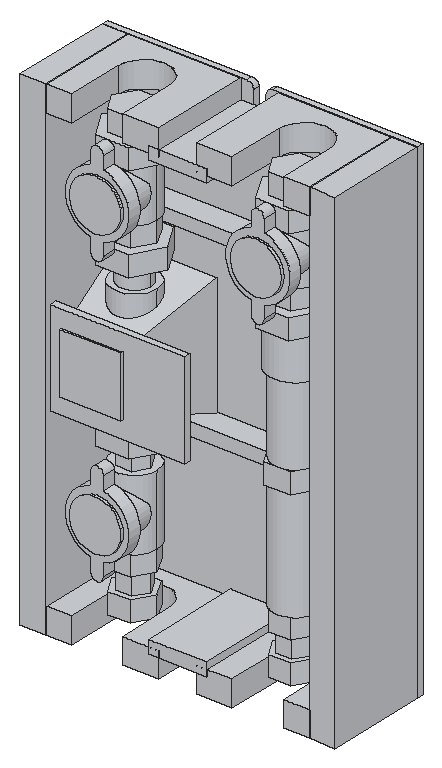
Revit family "330_b14e2bd704e2477fa331541943f1f2", category Mechanical Equipment, Revit 2022
Family settings
  Round Connector Dimension = Use Diameter
  Classification = None
  Part Type = Normal
  Work Plane-Based = No
  Always vertical = Yes
  Cut with Voids When Loaded = No
  Maintain Annotation Orientation = No
  Shared = No
  Room Calculation Point = No
Parameters (values of type "2171 1130EA")
  magiProductId = "b14e2bd704e2477fa331541943f1f2"
  magiProductFamilyId = "b14e2bd704e2477fa331541943f1f2"
  magiPartTypeId = 330
  XC = 62.5 mm
  WL = 225 mm
  W2L__ve = -W2L  # -80 mm
  W2L = 80 mm
  W2 = 85 mm
  W = 170 mm
  VersionID = "2.0/2019.5.23.1/FAR_2171_001"
  R25 = 25.5 mm
  R2 = 12.5 mm
  R15 = 17.5 mm
  R13 = 20.5 mm
  R1 = 12.5 mm
  QmdConnectorList = "301;P2;302;P2;303;P1;304;P1"
  Productdata [instance] = "© MagiCAD Group, all rights reserved"
  PL = 48.571 mm
  P2 = 25 mm
  P1 = 25 mm
  Manufacturer = "FAR"
  MC Shunt Valve Configuration = 0
  MC Shunt Control Valve Location = 0
  MC Product Code = "2171 1130EA"
  MC Primary Sizing Flow [instance] = 0.0 L/s
  MC Primary Given Pressure Drop [instance] = 0.0 Pa
  MC Piping Secondary Pressure Drop [instance] = 0.0 Pa
  MC Piping Secondary Flow [instance] = 0.0 L/s
  MC Piping Flow [instance] = 0.0 L/s
  MC Control Valve kv [instance] = 0
  MC Control Valve Pressure Drop [instance] = 0.0 Pa
  MC Balancing Valve kv [instance] = 0
  MC Balancing Valve Pressure Drop [instance] = 0.0 Pa
  MC Adjustable Valve kv for min dp [instance] = 0
  MC Adjustable Valve kv for max dp [instance] = 0
  MC Adjustable Valve Min Pressure Drop [instance] = 0.0 Pa
  MC Adjustable Valve Max Pressure Drop [instance] = 0.0 Pa
  LH92 = 21.333 mm
  LH9 = 42.667 mm
  LH62 = 27.429 mm
  LH61 = 86.857 mm
  LH6 = 54.857 mm
  LH48 = 104.476 mm
  LH44 = 74.476 mm
  LH42 = 47.238 mm
  LH4 = 94.476 mm
  L5 = 5 mm
  L45 = 45 mm
  L30 = 32 mm
  L22__ve = -L22  # -5 mm
  L222__ve = -L222  # -2 mm
  L222 = 2 mm
  L22 = 5 mm
  L20__ve = -L20  # -20 mm
  L20 = 20 mm
  L2 = 122.5 mm
  L15 = 16 mm
  L10__ve = -L10  # -10 mm
  L10 = 10 mm
  L = 245 mm
  KH = 15 mm
  H2 = 192 mm
  H = 384 mm
  Description = "Booster unit, high eff. pump 1-7 m, shut-off valves, 130 mm"
  Default Elevation = 0 mm
  CenSd_R25_6 = R25 * cos(30.00°)  # 22.084 mm
  CenSd_R1_6 = R1 * cos(30.00°)  # 10.825 mm
  CenSd_R15_6 = R15 * cos(30.00°)  # 15.155 mm
  CenSd_R13_6 = R13 * cos(30.00°)  # 17.754 mm
  CAT0 = yes
  CAT = no
Reference planes
  plane 1 "Center (Front/Back)": y = 0
  plane 2 "XYPLANE": z = 0
  plane 3 "Center (Left/Right)": x = 0
  plane 4 "360": z = 176
  plane 5 "359": z = 37.333
  plane 6 "358": y = -85
  plane 7 "350": z = -52.143
  plane 8 "347": z = 90.333
  plane 9 "342": x = 15
  plane 10 "341": x = 82.5
  plane 11 "340": x = 42.5
  plane 12 "339": x = 102.5
  plane 13 "331": y = -40
  plane 14 "330": y = -5
  plane 15 "329": y = -85
  plane 16 "328": x = -82.5
  plane 17 "327": x = -42.5
  plane 18 "326": x = -15
  plane 19 "325": x = -102.5
  plane 20 "323": x = 112.5
  plane 21 "319": y = -5
  plane 22 "318": x = -112.5
  plane 23 "315": z = -135.571
  plane 24 "314": z = -125.571
  plane 25 "313": z = -65.571
  plane 26 "312": z = -75.571
  plane 27 "311": z = -100.571
  plane 28 "304": x = 57.5
  plane 29 "303": x = 67.5
  plane 30 "296": y = -85
  plane 31 "290": z = 87.667
  plane 32 "289": z = 157.667
  plane 33 "288": z = 122.667
  plane 34 "287": x = -67.5
  plane 35 "286": x = -57.5
  plane 36 "285": z = 97.667
  plane 37 "284": z = 147.667
  plane 38 "281": y = -90
  plane 39 "277": x = -42.5
  plane 40 "274": y = -75
  plane 41 "272": z = 6.095
  plane 42 "271": y = -15
  plane 43 "243": z = 69.333
  plane 44 "240": z = 160
  plane 45 "239": z = 144
  plane 46 "238": z = 101.333
  plane 47 "231": z = 85.333
  plane 48 "228": z = 53.333
  plane 49 "225": z = -41.143
  plane 50 "222": z = -57.143
  plane 51 "219": z = -128
  plane 52 "216": z = -73.143
  plane 53 "215": z = -144
  plane 54 "210": z = -160
  plane 55 "207": z = -176
  plane 56 "202": x = -5
  plane 57 "201": x = 5
  plane 58 "200": x = 122.5
  plane 59 "199": z = -172
  plane 60 "198": z = 172
  plane 61 "126": y = -48.571
  plane 62 "121": x = 62.5
  plane 63 "116": x = -62.5
  plane 64 "84": z = -192
  plane 65 "83": z = 192
  plane 66 "82": x = -122.5
  plane 67 "43": y = 0
  plane 68 "42": x = 0
  plane 69 "41": z = 0
Forms (mm)
  Extrusion 1, solid
    sketch origin (750, -5, 0) x (-1, 0, 0) y (0, 0, 1)
      loop
        line (727.5, -167) -> (727.5, -177) -> (772.5, -177) -> (772.5, -167) -> (727.5, -167)
    from 0 to -80 <- "W2L__ve"
  Extrusion 2, solid
    sketch origin (750, -5, 0) x (-1, 0, 0) y (0, 0, 1)
      loop
        line (727.5, 177) -> (727.5, 167) -> (772.5, 167) -> (772.5, 177) -> (727.5, 177)
    from 0 to -80 <- "W2L__ve"
  Extrusion 3, solid
    sketch origin (750, -5, 0) x (-1, 0, 0) y (0, 0, 1)
      loop
        line (862.5, -47.143) -> (637.5, -47.143) -> (637.5, -57.143) -> (862.5, -57.143) -> (862.5, -47.143)
    from 0 to -20 <- "L20__ve"
  Extrusion 4, solid
    sketch origin (750, -5, 0) x (-1, 0, 0) y (0, 0, 1)
      loop
        line (862.5, 95.333) -> (637.5, 95.333) -> (637.5, 85.333) -> (862.5, 85.333) -> (862.5, 95.333)
    from 0 to -20 <- "L20__ve"
  Extrusion 5, solid
    sketch origin (-750, 0, -192) x (1, 0, 0) y (0, 1, 0)
      loop
        line (765, -5) -> (765, -85) -> (792.5, -85) -> (792.5, -40)
        arc (792.5, -40) -> (812.5, -20) -> (832.5, -40) r 20
        line (832.5, -40) -> (832.5, -85) -> (852.5, -85) -> (852.5, -5) -> (765, -5)
    from 0 to 20 <- "L20"
  Extrusion 6, solid
    sketch origin (-750, 0, 192) x (1, 0, 0) y (0, 1, 0)
      loop
        line (765, -5) -> (765, -85) -> (792.5, -85) -> (792.5, -40)
        arc (792.5, -40) -> (812.5, -20) -> (832.5, -40) r 20
        line (832.5, -40) -> (832.5, -85) -> (852.5, -85) -> (852.5, -5) -> (765, -5)
    from 0 to -20 <- "L20__ve"
  Extrusion 7, solid
    sketch origin (-750, 0, -192) x (1, 0, 0) y (0, 1, 0)
      loop
        line (647.5, -5) -> (647.5, -85) -> (667.5, -85) -> (667.5, -40)
        arc (667.5, -40) -> (687.5, -20) -> (707.5, -40) r 20
        line (707.5, -40) -> (707.5, -85) -> (735, -85) -> (735, -5) -> (647.5, -5)
    from 0 to 20 <- "L20"
  Extrusion 8, solid
    sketch origin (-750, 0, 192) x (1, 0, 0) y (0, 1, 0)
      loop
        line (647.5, -5) -> (647.5, -85) -> (667.5, -85) -> (667.5, -40)
        arc (667.5, -40) -> (687.5, -20) -> (707.5, -40) r 20
        line (707.5, -40) -> (707.5, -85) -> (735, -85) -> (735, -5) -> (647.5, -5)
    from 0 to -20 <- "L20__ve"
  Extrusion 9, solid
    sketch origin (750, -5, 0) x (-1, 0, 0) y (0, 0, 1)
      loop
        line (627.5, 192) -> (627.5, -192) -> (647.5, -192) -> (647.5, 192) -> (627.5, 192)
    from 0 to -80 <- "W2L__ve"
  Extrusion 10, solid
    sketch origin (750, -5, 0) x (-1, 0, 0) y (0, 0, 1)
      loop
        line (852.5, 192) -> (852.5, -192) -> (872.5, -192) -> (872.5, 192) -> (852.5, 192)
    from 0 to -80 <- "W2L__ve"
  Extrusion 11, solid
    sketch origin (750, -75, 0) x (-1, 0, 0) y (0, 0, 1)
      loop
        line (817.5, -135.571) -> (817.5, -125.571)
        arc (817.5, -125.571) -> (837.5, -100.571) -> (817.5, -75.571) r 25.625
        line (817.5, -75.571) -> (817.5, -65.571)
        arc (817.5, -65.571) -> (812.5, -60.571) -> (807.5, -65.571) r 5
        line (807.5, -65.571) -> (807.5, -75.571)
        arc (807.5, -75.571) -> (787.5, -100.571) -> (807.5, -125.571) r 25.625
        line (807.5, -125.571) -> (807.5, -135.571)
        arc (807.5, -135.571) -> (812.5, -140.571) -> (817.5, -135.571) r 5
    from 0 to -10 <- "L10__ve"
  Extrusion 12, solid
    sketch origin (750, -75, 0) x (-1, 0, 0) y (0, 0, 1)
      loop
        circle (812.5, -100.571) r 17.5
    from 0 to 20 <- "L20"
  Extrusion 13, solid
    sketch origin (750, -85, 0) x (-1, 0, 0) y (0, 0, 1)
      loop
        circle (812.5, -100.571) r 20
    from 0 to -2 <- "L222__ve"
  Extrusion 14, solid
    sketch origin (750, -75, 0) x (-1, 0, 0) y (0, 0, 1)
      loop
        line (692.5, 87.667) -> (692.5, 97.667)
        arc (692.5, 97.667) -> (712.5, 122.667) -> (692.5, 147.667) r 25.625
        line (692.5, 147.667) -> (692.5, 157.667)
        arc (692.5, 157.667) -> (687.5, 162.667) -> (682.5, 157.667) r 5
        line (682.5, 157.667) -> (682.5, 147.667)
        arc (682.5, 147.667) -> (662.5, 122.667) -> (682.5, 97.667) r 25.625
        line (682.5, 97.667) -> (682.5, 87.667)
        arc (682.5, 87.667) -> (687.5, 82.667) -> (692.5, 87.667) r 5
    from 0 to -10 <- "L10__ve"
  Extrusion 15, solid
    sketch origin (750, -75, 0) x (-1, 0, 0) y (0, 0, 1)
      loop
        circle (687.5, 122.667) r 17.5
    from 0 to 20 <- "L20"
  Extrusion 16, solid
    sketch origin (750, -85, 0) x (-1, 0, 0) y (0, 0, 1)
      loop
        circle (687.5, 122.667) r 20
    from 0 to -2 <- "L222__ve"
  Extrusion 17, solid
    sketch origin (750, -85, 0) x (-1, 0, 0) y (0, 0, 1)
      loop
        circle (812.5, 122.667) r 20
    from 0 to -2 <- "L222__ve"
  Extrusion 18, solid
    sketch origin (750, -75, 0) x (-1, 0, 0) y (0, 0, 1)
      loop
        circle (812.5, 122.667) r 17.5
    from 0 to 20 <- "L20"
  Extrusion 19, solid
    sketch origin (750, -75, 0) x (-1, 0, 0) y (0, 0, 1)
      loop
        line (817.5, 87.667) -> (817.5, 97.667)
        arc (817.5, 97.667) -> (837.5, 122.667) -> (817.5, 147.667) r 25.625
        line (817.5, 147.667) -> (817.5, 157.667)
        arc (817.5, 157.667) -> (812.5, 162.667) -> (807.5, 157.667) r 5
        line (807.5, 157.667) -> (807.5, 147.667)
        arc (807.5, 147.667) -> (787.5, 122.667) -> (807.5, 97.667) r 25.625
        line (807.5, 97.667) -> (807.5, 87.667)
        arc (807.5, 87.667) -> (812.5, 82.667) -> (817.5, 87.667) r 5
    from 0 to -10 <- "L10__ve"
  Extrusion 20, solid
    sketch origin (750, -90, 0) x (-1, 0, 0) y (0, 0, 1)
      loop
        line (788.881, 29.714) -> (788.881, -17.524) -> (836.119, -17.524) -> (836.119, 29.714) -> (788.881, 29.714)
    from 0 to -2
  Extrusion 21, solid
    sketch origin (750, -85, 0) x (-1, 0, 0) y (0, 0, 1)
      loop
        line (740.262, 43.333) -> (740.262, -31.143) -> (844.738, -31.143) -> (844.738, 43.333) -> (740.262, 43.333)
    from 0 to -5 <- "L22__ve"
  Blend 22, solid
    base sketch origin (750, -15, 0) x (-1, 0, 0) y (0, 0, 1)
      loop
        line (775.262, 53.333) -> (775.262, -41.143) -> (849.738, -41.143) -> (849.738, 53.333) -> (775.262, 53.333)
    top sketch origin (750, -15, 0) x (-1, 0, 0) y (0, 0, 1)
      loop
        line (788.881, 29.714) -> (788.881, -17.524) -> (836.119, -17.524) -> (836.119, 29.714) -> (788.881, 29.714)
    from 0 to -70
  Extrusion 23, solid
    sketch origin (-750, 0, -176) x (1, 0, 0) y (0, 1, 0)
      loop
        line (830, -48.571) -> (821.25, -33.416) -> (803.75, -33.416) -> (795, -48.571) -> (803.75, -63.727) -> (821.25, -63.727) -> (830, -48.571)
    from 0 to 16 <- "L15"
  Extrusion 24, solid
    sketch origin (-750, 0, -160) x (1, 0, 0) y (0, 1, 0)
      loop
        line (825, -48.571) -> (818.75, -37.746) -> (806.25, -37.746) -> (800, -48.571) -> (806.25, -59.397) -> (818.75, -59.397) -> (825, -48.571)
    from 0 to 16 <- "L15"
  Extrusion 25, solid
    sketch origin (-750, 0, -144) x (1, 0, 0) y (0, 1, 0)
      loop
        line (830, -48.571) -> (821.25, -33.416) -> (803.75, -33.416) -> (795, -48.571) -> (803.75, -63.727) -> (821.25, -63.727) -> (830, -48.571)
    from 0 to 16 <- "L15"
  Extrusion 26, solid
    sketch origin (-750, 0, -128) x (1, 0, 0) y (0, 1, 0)
      loop
        circle (812.5, -48.571) r 17.5
    from 0 to 86.857 <- "LH61"
  Extrusion 27, solid
    sketch origin (-750, 0, -41.143) x (1, 0, 0) y (0, 1, 0)
      loop
        line (833, -48.571) -> (822.75, -30.818) -> (802.25, -30.818) -> (792, -48.571) -> (802.25, -66.325) -> (822.75, -66.325) -> (833, -48.571)
    from 0 to 16 <- "L15"
  Extrusion 28, solid
    sketch origin (-750, 0, -41.143) x (1, 0, 0) y (0, 1, 0)
      loop
        circle (812.5, -48.571) r 17.5
    from 0 to 94.476 <- "LH4"
  Extrusion 29, solid
    sketch origin (-750, 0, 69.333) x (1, 0, 0) y (0, 1, 0)
      loop
        line (838, -48.571) -> (825.25, -26.488) -> (799.75, -26.488) -> (787, -48.571) -> (799.75, -70.655) -> (825.25, -70.655) -> (838, -48.571)
    from 0 to 16 <- "L15"
  Extrusion 30, solid
    sketch origin (-750, 0, 85.333) x (1, 0, 0) y (0, 1, 0)
      loop
        line (830, -48.571) -> (821.25, -33.416) -> (803.75, -33.416) -> (795, -48.571) -> (803.75, -63.727) -> (821.25, -63.727) -> (830, -48.571)
    from 0 to 16 <- "L15"
  Extrusion 31, solid
    sketch origin (-750, 0, 160) x (1, 0, 0) y (0, 1, 0)
      loop
        line (830, -48.571) -> (821.25, -33.416) -> (803.75, -33.416) -> (795, -48.571) -> (803.75, -63.727) -> (821.25, -63.727) -> (830, -48.571)
    from 0 to 16 <- "L15"
  Extrusion 32, solid
    sketch origin (-750, 0, 144) x (1, 0, 0) y (0, 1, 0)
      loop
        line (838, -48.571) -> (825.25, -26.488) -> (799.75, -26.488) -> (787, -48.571) -> (799.75, -70.655) -> (825.25, -70.655) -> (838, -48.571)
    from 0 to 16 <- "L15"
  Extrusion 33, solid
    sketch origin (-750, 0, 101.333) x (1, 0, 0) y (0, 1, 0)
      loop
        circle (812.5, -48.571) r 17.5
    from 0 to 42.667 <- "LH9"
  Extrusion 34, solid
    sketch origin (-750, 0, 37.333) x (1, 0, 0) y (0, 1, 0)
      loop
        circle (812.5, -48.571) r 20.5
    from 0 to 32 <- "L30"
  Extrusion 35, solid
    sketch origin (-750, 0, 53.333) x (1, 0, 0) y (0, 1, 0)
      loop
        circle (687.5, -48.571) r 12.5
    from 0 to 16 <- "L15"
  Extrusion 36, solid
    sketch origin (-750, 0, 101.333) x (1, 0, 0) y (0, 1, 0)
      loop
        circle (687.5, -48.571) r 17.5
    from 0 to 42.667 <- "LH9"
  Extrusion 37, solid
    sketch origin (-750, 0, 144) x (1, 0, 0) y (0, 1, 0)
      loop
        line (713, -48.571) -> (700.25, -26.488) -> (674.75, -26.488) -> (662, -48.571) -> (674.75, -70.655) -> (700.25, -70.655) -> (713, -48.571)
    from 0 to 16 <- "L15"
  Extrusion 38, solid
    sketch origin (-750, 0, 160) x (1, 0, 0) y (0, 1, 0)
      loop
        line (705, -48.571) -> (696.25, -33.416) -> (678.75, -33.416) -> (670, -48.571) -> (678.75, -63.727) -> (696.25, -63.727) -> (705, -48.571)
    from 0 to 16 <- "L15"
  Extrusion 39, solid
    sketch origin (-750, 0, 85.333) x (1, 0, 0) y (0, 1, 0)
      loop
        line (705, -48.571) -> (696.25, -33.416) -> (678.75, -33.416) -> (670, -48.571) -> (678.75, -63.727) -> (696.25, -63.727) -> (705, -48.571)
    from 0 to 16 <- "L15"
  Extrusion 40, solid
    sketch origin (-750, 0, 69.333) x (1, 0, 0) y (0, 1, 0)
      loop
        line (713, -48.571) -> (700.25, -26.488) -> (674.75, -26.488) -> (662, -48.571) -> (674.75, -70.655) -> (700.25, -70.655) -> (713, -48.571)
    from 0 to 16 <- "L15"
  Extrusion 41, solid
    sketch origin (-750, 0, -41.143) x (1, 0, 0) y (0, 1, 0)
      loop
        circle (687.5, -48.571) r 17.5
    from 0 to 94.476 <- "LH4"
  Extrusion 42, solid
    sketch origin (-750, 0, -57.143) x (1, 0, 0) y (0, 1, 0)
      loop
        line (713, -48.571) -> (700.25, -26.488) -> (674.75, -26.488) -> (662, -48.571) -> (674.75, -70.655) -> (700.25, -70.655) -> (713, -48.571)
    from 0 to 16 <- "L15"
  Extrusion 43, solid
    sketch origin (-750, 0, -73.143) x (1, 0, 0) y (0, 1, 0)
      loop
        line (700, -48.571) -> (693.75, -37.746) -> (681.25, -37.746) -> (675, -48.571) -> (681.25, -59.397) -> (693.75, -59.397) -> (700, -48.571)
    from 0 to 16 <- "L15"
  Extrusion 44, solid
    sketch origin (-750, 0, -128) x (1, 0, 0) y (0, 1, 0)
      loop
        circle (687.5, -48.571) r 17.5
    from 0 to 54.857 <- "LH6"
  Extrusion 45, solid
    sketch origin (-750, 0, -144) x (1, 0, 0) y (0, 1, 0)
      loop
        line (705, -48.571) -> (696.25, -33.416) -> (678.75, -33.416) -> (670, -48.571) -> (678.75, -63.727) -> (696.25, -63.727) -> (705, -48.571)
    from 0 to 16 <- "L15"
  Extrusion 46, solid
    sketch origin (-750, 0, -160) x (1, 0, 0) y (0, 1, 0)
      loop
        line (700, -48.571) -> (693.75, -37.746) -> (681.25, -37.746) -> (675, -48.571) -> (681.25, -59.397) -> (693.75, -59.397) -> (700, -48.571)
    from 0 to 16 <- "L15"
  Extrusion 47, solid
    sketch origin (-750, 0, -176) x (1, 0, 0) y (0, 1, 0)
      loop
        line (705, -48.571) -> (696.25, -33.416) -> (678.75, -33.416) -> (670, -48.571) -> (678.75, -63.727) -> (696.25, -63.727) -> (705, -48.571)
    from 0 to 16 <- "L15"
  Extrusion 48, solid
    sketch origin (750, 0, 0) x (-1, 0, 0) y (0, 0, 1)
      loop
        line (872.5, 192) -> (760, 192)
        arc (760, 192) -> (756.464, 190.536) -> (755, 187) r 5
        line (755, 187) -> (755, 172) -> (745, 172) -> (745, 187)
        arc (745, 187) -> (743.536, 190.536) -> (740, 192) r 5
        line (740, 192) -> (627.5, 192) -> (627.5, -192) -> (740, -192)
        arc (740, -192) -> (743.536, -190.536) -> (745, -187) r 5
        line (745, -187) -> (745, -172) -> (755, -172) -> (755, -187)
        arc (755, -187) -> (756.464, -190.536) -> (760, -192) r 5
        line (760, -192) -> (872.5, -192) -> (872.5, 192)
    from 0 to -5 <- "L22__ve"
  Extrusion 49, solid, not visible
    sketch origin (-750, 0, -176) x (1, 0, 0) y (0, 1, 0)
      loop
        circle (812.5, -48.571) r 10
    from 0 to 10
  Extrusion 50, solid, not visible
    sketch origin (-750, 0, -176) x (1, 0, 0) y (0, 1, 0)
      loop
        circle (687.5, -48.571) r 10
    from 0 to 10
  Extrusion 51, solid, not visible
    sketch origin (-750, 0, 176) x (1, 0, 0) y (0, 1, 0)
      loop
        circle (812.5, -48.571) r 10
    from 0 to -10
  Extrusion 52, solid, not visible
    sketch origin (-750, 0, 176) x (1, 0, 0) y (0, 1, 0)
      loop
        circle (687.5, -48.571) r 10
    from 0 to -10
Lines and regions (mm)
  reference lines, not visible
    curve 1: circle (2, 2, 0) r 1 normal (0, 0, 1)
  reference lines
    curve 2: circle (0, -5, -172) r 1 normal (0, -1, 0)
    curve 3: circle (0, -5, 172) r 1 normal (0, -1, 0)
    curve 4: circle (0, -5, -52.143) r 1 normal (0, -1, 0)
    curve 5: circle (0, -5, 90.333) r 1 normal (0, -1, 0)
    curve 6: line (82.5, -40, -192) -> (42.5, -40, -192)
    curve 7: line (82.5, -40, 192) -> (42.5, -40, 192)
    curve 8: line (-42.5, -40, -192) -> (-82.5, -40, -192)
    curve 9: line (-42.5, -40, 192) -> (-82.5, -40, 192)
    curve 10: circle (112.5, -5, 0) r 1 normal (0, -1, 0)
    curve 11: circle (-112.5, -5, 0) r 1 normal (0, -1, 0)
    curve 12: line (-67.5, -75, -135.571) -> (-57.5, -75, -135.571)
    curve 13: line (-57.5, -75, -125.571) -> (-57.5, -75, -75.571)
    curve 14: line (-57.5, -75, -65.571) -> (-67.5, -75, -65.571)
    curve 15: line (-67.5, -75, -75.571) -> (-67.5, -75, -125.571)
    curve 16: line (57.5, -75, 87.667) -> (67.5, -75, 87.667)
    curve 17: line (67.5, -75, 97.667) -> (67.5, -75, 147.667)
    curve 18: line (67.5, -75, 157.667) -> (57.5, -75, 157.667)
    curve 19: line (57.5, -75, 147.667) -> (57.5, -75, 97.667)
    curve 20: line (-67.5, -75, 87.667) -> (-57.5, -75, 87.667)
    curve 21: line (-57.5, -75, 97.667) -> (-57.5, -75, 147.667)
    curve 22: line (-57.5, -75, 157.667) -> (-67.5, -75, 157.667)
    curve 23: line (-67.5, -75, 147.667) -> (-67.5, -75, 97.667)
    curve 24: circle (-62.5, -90, 6.095) r 1 normal (0, -1, 0)
    curve 25: circle (-42.5, -85, 6.095) r 1 normal (0, -1, 0)
    curve 26: circle (-62.5, -15, 6.095) r 1 normal (0, 1, 0)
    curve 27: circle (-62.5, -15, 6.095) r 1 normal (0, -1, 0)
    curve 28: line (62.5, -48.571, -176) -> (58.125, -40.994, -176)
    curve 29: line (62.5, -48.571, -176) -> (53.75, -48.571, -176)
    curve 30: line (62.5, -48.571, -176) -> (58.125, -56.149, -176)
    curve 31: line (62.5, -48.571, -160) -> (59.375, -43.159, -160)
    curve 32: line (62.5, -48.571, -160) -> (56.25, -48.571, -160)
    curve 33: line (62.5, -48.571, -160) -> (59.375, -53.984, -160)
    curve 34: line (62.5, -48.571, -144) -> (58.125, -40.994, -144)
    curve 35: line (62.5, -48.571, -144) -> (53.75, -48.571, -144)
    curve 36: line (62.5, -48.571, -144) -> (58.125, -56.149, -144)
    curve 37: line (62.5, -48.571, -41.143) -> (57.375, -39.695, -41.143)
    curve 38: line (62.5, -48.571, -41.143) -> (52.25, -48.571, -41.143)
    curve 39: line (62.5, -48.571, -41.143) -> (57.375, -57.448, -41.143)
    curve 40: line (62.5, -48.571, 69.333) -> (56.125, -37.53, 69.333)
    curve 41: line (62.5, -48.571, 69.333) -> (49.75, -48.571, 69.333)
    curve 42: line (62.5, -48.571, 69.333) -> (56.125, -59.613, 69.333)
    curve 43: line (62.5, -48.571, 85.333) -> (58.125, -40.994, 85.333)
    curve 44: line (62.5, -48.571, 85.333) -> (53.75, -48.571, 85.333)
    curve 45: line (62.5, -48.571, 85.333) -> (58.125, -56.149, 85.333)
    curve 46: line (62.5, -48.571, 160) -> (58.125, -40.994, 160)
    curve 47: line (62.5, -48.571, 160) -> (53.75, -48.571, 160)
    curve 48: line (62.5, -48.571, 160) -> (58.125, -56.149, 160)
    curve 49: line (62.5, -48.571, 144) -> (56.125, -37.53, 144)
    curve 50: line (62.5, -48.571, 144) -> (49.75, -48.571, 144)
    curve 51: line (62.5, -48.571, 144) -> (56.125, -59.613, 144)
    curve 52: line (-62.5, -48.571, 144) -> (-68.875, -37.53, 144)
    curve 53: line (-62.5, -48.571, 144) -> (-75.25, -48.571, 144)
    curve 54: line (-62.5, -48.571, 144) -> (-68.875, -59.613, 144)
    curve 55: line (-62.5, -48.571, 160) -> (-66.875, -40.994, 160)
    curve 56: line (-62.5, -48.571, 160) -> (-71.25, -48.571, 160)
    curve 57: line (-62.5, -48.571, 160) -> (-66.875, -56.149, 160)
    curve 58: line (-62.5, -48.571, 85.333) -> (-66.875, -40.994, 85.333)
    curve 59: line (-62.5, -48.571, 85.333) -> (-71.25, -48.571, 85.333)
    curve 60: line (-62.5, -48.571, 85.333) -> (-66.875, -56.149, 85.333)
    curve 61: line (-62.5, -48.571, 69.333) -> (-68.875, -37.53, 69.333)
    curve 62: line (-62.5, -48.571, 69.333) -> (-75.25, -48.571, 69.333)
    curve 63: line (-62.5, -48.571, 69.333) -> (-68.875, -59.613, 69.333)
    curve 64: line (-62.5, -48.571, -57.143) -> (-68.875, -37.53, -57.143)
    curve 65: line (-62.5, -48.571, -57.143) -> (-75.25, -48.571, -57.143)
    curve 66: line (-62.5, -48.571, -57.143) -> (-68.875, -59.613, -57.143)
    curve 67: line (-62.5, -48.571, -73.143) -> (-65.625, -43.159, -73.143)
    curve 68: line (-62.5, -48.571, -73.143) -> (-68.75, -48.571, -73.143)
    curve 69: line (-62.5, -48.571, -73.143) -> (-65.625, -53.984, -73.143)
    curve 70: line (-62.5, -48.571, -144) -> (-66.875, -40.994, -144)
    curve 71: line (-62.5, -48.571, -144) -> (-71.25, -48.571, -144)
    curve 72: line (-62.5, -48.571, -144) -> (-66.875, -56.149, -144)
    curve 73: line (-62.5, -48.571, -160) -> (-65.625, -43.159, -160)
    curve 74: line (-62.5, -48.571, -160) -> (-68.75, -48.571, -160)
    curve 75: line (-62.5, -48.571, -160) -> (-65.625, -53.984, -160)
    curve 76: line (-62.5, -48.571, -176) -> (-66.875, -40.994, -176)
    curve 77: line (-62.5, -48.571, -176) -> (-71.25, -48.571, -176)
    curve 78: line (-62.5, -48.571, -176) -> (-66.875, -56.149, -176)
Dimensions and locks
  plane 1 "Center (Front/Back)" to curve 1 = 2 mm
  "L15": plane 44 "240" to plane 4 "360"
  "L15": plane 48 "228" to plane 5 "359"
  locked: plane 42 "271" to plane 6 "358" at 70
  "L5": plane 50 "222" to plane 7 "350"
  "L5": plane 47 "231" to plane 8 "347"
  "L10": plane 57 "201" to plane 9 "342"
  "L20": plane 62 "121" to plane 10 "341"
  "L20": plane 62 "121" to plane 11 "340"
  "L10": plane 20 "323" to plane 12 "339"
  "L45": plane 15 "329" to plane 13 "331"
  "L22": plane 67 "43" to plane 14 "330"
  "W2L": plane 14 "330" to plane 15 "329"
  "L20": plane 63 "116" to plane 16 "328"
  "L20": plane 63 "116" to plane 17 "327"
  "L10": plane 56 "202" to plane 18 "326"
  "L10": plane 22 "318" to plane 19 "325"
  "L10": plane 58 "200" to plane 20 "323"
  "L22": plane 67 "43" to plane 21 "319"
  "L10": plane 66 "82" to plane 22 "318"
  locked: plane 24 "314" to plane 23 "315" at 10
  locked: plane 27 "311" to plane 24 "314" at 25
  locked: plane 26 "312" to plane 25 "313" at 10
  locked: plane 27 "311" to plane 26 "312" at 25
  "LH62": plane 51 "219" to plane 27 "311"
  locked: plane 62 "121" to plane 28 "304" at 5
  locked: plane 62 "121" to plane 29 "303" at 5
  "L10": plane 40 "274" to plane 30 "296"
  "L10": plane 36 "285" to plane 31 "290"
  locked: plane 37 "284" to plane 32 "289" at 10
  "LH92": plane 46 "238" to plane 33 "288"
  locked: plane 63 "116" to plane 34 "287" at 5
  locked: plane 63 "116" to plane 35 "286" at 5
  locked: plane 33 "288" to plane 36 "285" at 25
  locked: plane 33 "288" to plane 37 "284" at 25
  "L22": plane 6 "358" to plane 38 "281"
  locked: plane 63 "116" to plane 39 "277" at 20
  locked: plane 42 "271" to plane 40 "274" at 60
  "LH42": plane 49 "225" to plane 41 "272"
  locked: plane 1 "Center (Front/Back)" to plane 42 "271" at 15
  "L15": plane 48 "228" to plane 43 "243"
  "L15": plane 45 "239" to plane 44 "240"
  "LH9": plane 46 "238" to plane 45 "239"
  "L15": plane 47 "231" to plane 46 "238"
  "L15": plane 43 "243" to plane 47 "231"
  "LH4": plane 49 "225" to plane 48 "228"
  "L15": plane 50 "222" to plane 49 "225"
  "L15": plane 52 "216" to plane 50 "222"
  "L15": plane 53 "215" to plane 51 "219"
  "LH6": plane 51 "219" to plane 52 "216"
  "L15": plane 54 "210" to plane 53 "215"
  "L15": plane 55 "207" to plane 54 "210"
  "L15": plane 64 "84" to plane 55 "207"
  "L5": plane 3 "Center (Left/Right)" to plane 56 "202"
  "L5": plane 3 "Center (Left/Right)" to plane 57 "201"
  "L2": plane 3 "Center (Left/Right)" to plane 58 "200"
  locked: plane 64 "84" to plane 59 "199" at 20
  locked: plane 65 "83" to plane 60 "198" at 20
  "PL": plane 1 "Center (Front/Back)" to plane 61 "126"
  "XC": plane 3 "Center (Left/Right)" to plane 62 "121"
  "XC": plane 3 "Center (Left/Right)" to plane 63 "116"
  "H2": plane 2 "XYPLANE" to plane 64 "84"
  "H2": plane 2 "XYPLANE" to plane 65 "83"
  "L2": plane 3 "Center (Left/Right)" to plane 66 "82"
  locked: plane 1 "Center (Front/Back)" to plane 67 "43"
  locked: plane 3 "Center (Left/Right)" to plane 68 "42"
  locked: plane 2 "XYPLANE" to plane 69 "41"
  equal spacing: Extrusion 1 sketch curve, curve 2, Extrusion 1 sketch curve  (x2)
  "L10": Extrusion 1 sketch curve to Extrusion 1 sketch curve
  "L45": Extrusion 1 sketch curve to Extrusion 1 sketch curve
  Extrusion 1 sketch curve to Extrusion 1 sketch curve = 0 mm  (x8)
  equal spacing: Extrusion 2 sketch curve, curve 3, Extrusion 2 sketch curve  (x2)
  "L10": Extrusion 2 sketch curve to Extrusion 2 sketch curve
  "L45": Extrusion 2 sketch curve to Extrusion 2 sketch curve
  Extrusion 2 sketch curve to Extrusion 2 sketch curve = 0 mm  (x8)
  equal spacing: Extrusion 3 sketch curve, curve 4, Extrusion 3 sketch curve  (x2)
  "WL": Extrusion 3 sketch curve to Extrusion 3 sketch curve
  "L10": Extrusion 3 sketch curve to Extrusion 3 sketch curve
  Extrusion 3 sketch curve to Extrusion 3 sketch curve = 0 mm  (x8)
  equal spacing: Extrusion 4 sketch curve, curve 5, Extrusion 4 sketch curve  (x2)
  "WL": Extrusion 4 sketch curve to Extrusion 4 sketch curve
  "L10": Extrusion 4 sketch curve to Extrusion 4 sketch curve
  Extrusion 4 sketch curve to Extrusion 4 sketch curve = 0 mm  (x8)
  "L20": curve 6 to Extrusion 5 sketch curve
  Extrusion 5 sketch curve to Extrusion 5 sketch curve = 0 mm  (x16)
  "L20": curve 7 to Extrusion 6 sketch curve
  Extrusion 6 sketch curve to Extrusion 6 sketch curve = 0 mm  (x16)
  "L20": curve 8 to Extrusion 7 sketch curve
  Extrusion 7 sketch curve to Extrusion 7 sketch curve = 0 mm  (x16)
  "L20": curve 9 to Extrusion 8 sketch curve
  Extrusion 8 sketch curve to Extrusion 8 sketch curve = 0 mm  (x16)
  equal spacing: Extrusion 9 sketch curve, curve 10, Extrusion 9 sketch curve  (x2)
  "H": Extrusion 9 sketch curve to Extrusion 9 sketch curve
  "L20": Extrusion 9 sketch curve to Extrusion 9 sketch curve
  Extrusion 9 sketch curve to Extrusion 9 sketch curve = 0 mm  (x8)
  equal spacing: Extrusion 10 sketch curve, curve 11, Extrusion 10 sketch curve  (x2)
  "H": Extrusion 10 sketch curve to Extrusion 10 sketch curve
  "L20": Extrusion 10 sketch curve to Extrusion 10 sketch curve
  Extrusion 10 sketch curve to Extrusion 10 sketch curve = 0 mm  (x8)
  "L5": curve 12 to Extrusion 11 sketch curve
  "L20": curve 13 to Extrusion 11 sketch curve
  "L5": curve 14 to Extrusion 11 sketch curve
  "L20": curve 15 to Extrusion 11 sketch curve
  Extrusion 11 sketch curve to Extrusion 11 sketch curve = 0 mm  (x16)
  "L5": curve 16 to Extrusion 14 sketch curve
  "L20": curve 17 to Extrusion 14 sketch curve
  "L5": curve 18 to Extrusion 14 sketch curve
  "L20": curve 19 to Extrusion 14 sketch curve
  Extrusion 14 sketch curve to Extrusion 14 sketch curve = 0 mm  (x16)
  "L5": curve 20 to Extrusion 19 sketch curve
  "L20": curve 21 to Extrusion 19 sketch curve
  "L5": curve 22 to Extrusion 19 sketch curve
  "L20": curve 23 to Extrusion 19 sketch curve
  Extrusion 19 sketch curve to Extrusion 19 sketch curve = 0 mm  (x16)
  equal spacing: Extrusion 20 sketch curve, curve 24, Extrusion 20 sketch curve  (x2)
  "LH42": Extrusion 20 sketch curve to Extrusion 20 sketch curve  (x2)
  Extrusion 20 sketch curve to Extrusion 20 sketch curve = 0 mm  (x8)
  equal spacing: Extrusion 21 sketch curve, curve 25, Extrusion 21 sketch curve  (x2)
  "LH44": Extrusion 21 sketch curve to Extrusion 21 sketch curve
  "LH48": Extrusion 21 sketch curve to Extrusion 21 sketch curve
  Extrusion 21 sketch curve to Extrusion 21 sketch curve = 0 mm  (x8)
  equal spacing: Blend 22 sketch curve, curve 26, Blend 22 sketch curve  (x2)
  "LH42": Blend 22 sketch curve to Blend 22 sketch curve  (x2)
  Blend 22 sketch curve to Blend 22 sketch curve = 0 mm  (x16)
  equal spacing: Blend 22 sketch curve, curve 27, Blend 22 sketch curve  (x2)
  "LH4": Blend 22 sketch curve to Blend 22 sketch curve
  "LH44": Blend 22 sketch curve to Blend 22 sketch curve
  "CenSd_R15_6": curve 28 to Extrusion 23 sketch curve  (x2)
  "CenSd_R15_6": curve 29 to Extrusion 23 sketch curve  (x2)
  "CenSd_R15_6": curve 30 to Extrusion 23 sketch curve  (x2)
  Extrusion 23 sketch curve to Extrusion 23 sketch curve = 0 mm  (x12)
  "CenSd_R1_6": curve 31 to Extrusion 24 sketch curve  (x2)
  "CenSd_R1_6": curve 32 to Extrusion 24 sketch curve  (x2)
  "CenSd_R1_6": curve 33 to Extrusion 24 sketch curve  (x2)
  Extrusion 24 sketch curve to Extrusion 24 sketch curve = 0 mm  (x12)
  "CenSd_R15_6": curve 34 to Extrusion 25 sketch curve  (x2)
  "CenSd_R15_6": curve 35 to Extrusion 25 sketch curve  (x2)
  "CenSd_R15_6": curve 36 to Extrusion 25 sketch curve  (x2)
  Extrusion 25 sketch curve to Extrusion 25 sketch curve = 0 mm  (x12)
  "CenSd_R13_6": curve 37 to Extrusion 27 sketch curve  (x2)
  "CenSd_R13_6": curve 38 to Extrusion 27 sketch curve  (x2)
  "CenSd_R13_6": curve 39 to Extrusion 27 sketch curve  (x2)
  Extrusion 27 sketch curve to Extrusion 27 sketch curve = 0 mm  (x12)
  "CenSd_R25_6": curve 40 to Extrusion 29 sketch curve  (x2)
  "CenSd_R25_6": curve 41 to Extrusion 29 sketch curve  (x2)
  "CenSd_R25_6": curve 42 to Extrusion 29 sketch curve  (x2)
  Extrusion 29 sketch curve to Extrusion 29 sketch curve = 0 mm  (x12)
  "CenSd_R15_6": curve 43 to Extrusion 30 sketch curve  (x2)
  "CenSd_R15_6": curve 44 to Extrusion 30 sketch curve  (x2)
  "CenSd_R15_6": curve 45 to Extrusion 30 sketch curve  (x2)
  Extrusion 30 sketch curve to Extrusion 30 sketch curve = 0 mm  (x12)
  "CenSd_R15_6": curve 46 to Extrusion 31 sketch curve  (x2)
  "CenSd_R15_6": curve 47 to Extrusion 31 sketch curve  (x2)
  "CenSd_R15_6": curve 48 to Extrusion 31 sketch curve  (x2)
  Extrusion 31 sketch curve to Extrusion 31 sketch curve = 0 mm  (x12)
  "CenSd_R25_6": curve 49 to Extrusion 32 sketch curve  (x2)
  "CenSd_R25_6": curve 50 to Extrusion 32 sketch curve  (x2)
  "CenSd_R25_6": curve 51 to Extrusion 32 sketch curve  (x2)
  Extrusion 32 sketch curve to Extrusion 32 sketch curve = 0 mm  (x12)
  "CenSd_R25_6": curve 52 to Extrusion 37 sketch curve  (x2)
  "CenSd_R25_6": curve 53 to Extrusion 37 sketch curve  (x2)
  "CenSd_R25_6": curve 54 to Extrusion 37 sketch curve  (x2)
  Extrusion 37 sketch curve to Extrusion 37 sketch curve = 0 mm  (x12)
  "CenSd_R15_6": curve 55 to Extrusion 38 sketch curve  (x2)
  "CenSd_R15_6": curve 56 to Extrusion 38 sketch curve  (x2)
  "CenSd_R15_6": curve 57 to Extrusion 38 sketch curve  (x2)
  Extrusion 38 sketch curve to Extrusion 38 sketch curve = 0 mm  (x12)
  "CenSd_R15_6": curve 58 to Extrusion 39 sketch curve  (x2)
  "CenSd_R15_6": curve 59 to Extrusion 39 sketch curve  (x2)
  "CenSd_R15_6": curve 60 to Extrusion 39 sketch curve  (x2)
  Extrusion 39 sketch curve to Extrusion 39 sketch curve = 0 mm  (x12)
  "CenSd_R25_6": curve 61 to Extrusion 40 sketch curve  (x2)
  "CenSd_R25_6": curve 62 to Extrusion 40 sketch curve  (x2)
  "CenSd_R25_6": curve 63 to Extrusion 40 sketch curve  (x2)
  Extrusion 40 sketch curve to Extrusion 40 sketch curve = 0 mm  (x12)
  "CenSd_R25_6": curve 64 to Extrusion 42 sketch curve  (x2)
  "CenSd_R25_6": curve 65 to Extrusion 42 sketch curve  (x2)
  "CenSd_R25_6": curve 66 to Extrusion 42 sketch curve  (x2)
  Extrusion 42 sketch curve to Extrusion 42 sketch curve = 0 mm  (x12)
  "CenSd_R1_6": curve 67 to Extrusion 43 sketch curve  (x2)
  "CenSd_R1_6": curve 68 to Extrusion 43 sketch curve  (x2)
  "CenSd_R1_6": curve 69 to Extrusion 43 sketch curve  (x2)
  Extrusion 43 sketch curve to Extrusion 43 sketch curve = 0 mm  (x12)
  "CenSd_R15_6": curve 70 to Extrusion 45 sketch curve  (x2)
  "CenSd_R15_6": curve 71 to Extrusion 45 sketch curve  (x2)
  "CenSd_R15_6": curve 72 to Extrusion 45 sketch curve  (x2)
  Extrusion 45 sketch curve to Extrusion 45 sketch curve = 0 mm  (x12)
  "CenSd_R1_6": curve 73 to Extrusion 46 sketch curve  (x2)
  "CenSd_R1_6": curve 74 to Extrusion 46 sketch curve  (x2)
  "CenSd_R1_6": curve 75 to Extrusion 46 sketch curve  (x2)
  Extrusion 46 sketch curve to Extrusion 46 sketch curve = 0 mm  (x12)
  "CenSd_R15_6": curve 76 to Extrusion 47 sketch curve  (x2)
  "CenSd_R15_6": curve 77 to Extrusion 47 sketch curve  (x2)
  "CenSd_R15_6": curve 78 to Extrusion 47 sketch curve  (x2)
  Extrusion 47 sketch curve to Extrusion 47 sketch curve = 0 mm  (x12)
  Extrusion 48 sketch curve to Extrusion 48 sketch curve = 0 mm  (x32)
  "R15": radius of Extrusion 12 sketch curve
  "L20": radius of Extrusion 13 sketch curve
  "R15": radius of Extrusion 15 sketch curve
  "L20": radius of Extrusion 16 sketch curve
  "L20": radius of Extrusion 17 sketch curve
  "R15": radius of Extrusion 18 sketch curve
  "R15": radius of Extrusion 26 sketch curve
  "R15": radius of Extrusion 28 sketch curve
  "R15": radius of Extrusion 33 sketch curve
  "R13": radius of Extrusion 34 sketch curve
  "R1": radius of Extrusion 35 sketch curve
  "R15": radius of Extrusion 36 sketch curve
  "R15": radius of Extrusion 41 sketch curve
  "R15": radius of Extrusion 44 sketch curve
  "L5": radius of Extrusion 48 sketch curve  (x4)
  locked: curve 29 to curve 28 (angle 60.00°)
  locked: curve 30 to curve 29 (angle 60.00°)
  locked: curve 30 to curve 28 (angle 120.00°)
  locked: curve 32 to curve 31 (angle 60.00°)
  locked: curve 33 to curve 32 (angle 60.00°)
  locked: curve 33 to curve 31 (angle 120.00°)
  locked: curve 35 to curve 34 (angle 60.00°)
  locked: curve 36 to curve 35 (angle 60.00°)
  locked: curve 36 to curve 34 (angle 120.00°)
  locked: curve 38 to curve 37 (angle 60.00°)
  locked: curve 39 to curve 38 (angle 60.00°)
  locked: curve 39 to curve 37 (angle 120.00°)
  locked: curve 41 to curve 40 (angle 60.00°)
  locked: curve 42 to curve 41 (angle 60.00°)
  locked: curve 42 to curve 40 (angle 120.00°)
  locked: curve 44 to curve 43 (angle 60.00°)
  locked: curve 45 to curve 44 (angle 60.00°)
  locked: curve 45 to curve 43 (angle 120.00°)
  locked: curve 47 to curve 46 (angle 60.00°)
  locked: curve 48 to curve 47 (angle 60.00°)
  locked: curve 48 to curve 46 (angle 120.00°)
  locked: curve 50 to curve 49 (angle 60.00°)
  locked: curve 51 to curve 50 (angle 60.00°)
  locked: curve 51 to curve 49 (angle 120.00°)
  locked: curve 53 to curve 52 (angle 60.00°)
  locked: curve 54 to curve 53 (angle 60.00°)
  locked: curve 54 to curve 52 (angle 120.00°)
  locked: curve 56 to curve 55 (angle 60.00°)
  locked: curve 57 to curve 56 (angle 60.00°)
  locked: curve 57 to curve 55 (angle 120.00°)
  locked: curve 59 to curve 58 (angle 60.00°)
  locked: curve 60 to curve 59 (angle 60.00°)
  locked: curve 60 to curve 58 (angle 120.00°)
  locked: curve 62 to curve 61 (angle 60.00°)
  locked: curve 63 to curve 62 (angle 60.00°)
  locked: curve 63 to curve 61 (angle 120.00°)
  locked: curve 65 to curve 64 (angle 60.00°)
  locked: curve 66 to curve 65 (angle 60.00°)
  locked: curve 66 to curve 64 (angle 120.00°)
  locked: curve 68 to curve 67 (angle 60.00°)
  locked: curve 69 to curve 68 (angle 60.00°)
  locked: curve 69 to curve 67 (angle 120.00°)
  locked: curve 71 to curve 70 (angle 60.00°)
  locked: curve 72 to curve 71 (angle 60.00°)
  locked: curve 72 to curve 70 (angle 120.00°)
  locked: curve 74 to curve 73 (angle 60.00°)
  locked: curve 75 to curve 74 (angle 60.00°)
  locked: curve 75 to curve 73 (angle 120.00°)
  locked: curve 77 to curve 76 (angle 60.00°)
  locked: curve 78 to curve 77 (angle 60.00°)
  locked: curve 78 to curve 76 (angle 120.00°)
  aligned and locked: level to plane 2 "XYPLANE"
  aligned and locked: plane 59 "199" to curve 2
  aligned and locked: curve 2 to plane 68 "42"
  aligned and locked: plane 60 "198" to curve 3
  aligned and locked: plane 68 "42" to curve 3
  aligned and locked: plane 7 "350" to curve 4
  aligned and locked: curve 4 to plane 68 "42"
  aligned and locked: plane 8 "347" to curve 5
  aligned and locked: plane 68 "42" to curve 5
  aligned and locked: Extrusion 5 sketch curve to plane 14 "330"
  aligned and locked: plane 9 "342" to Extrusion 5 sketch curve  (x2)
  aligned and locked: Extrusion 5 sketch curve to plane 12 "339"
  aligned and locked: plane 14 "330" to Extrusion 5 sketch curve
  aligned and locked: plane 15 "329" to Extrusion 5 sketch curve  (x4)
  aligned and locked: plane 12 "339" to Extrusion 5 sketch curve
  aligned and locked: plane 10 "341" to Extrusion 5 sketch curve
  aligned and locked: plane 13 "331" to Extrusion 5 sketch curve  (x2)
  aligned and locked: plane 13 "331" to curve 6
  aligned and locked: plane 10 "341" to curve 6
  aligned and locked: plane 11 "340" to curve 6
  aligned and locked: Extrusion 5 sketch curve to plane 11 "340"
  aligned and locked: plane 11 "340" to Extrusion 5 sketch curve
  aligned and locked: Extrusion 6 sketch curve to plane 14 "330"
  aligned and locked: plane 9 "342" to Extrusion 6 sketch curve  (x2)
  aligned and locked: Extrusion 6 sketch curve to plane 12 "339"
  aligned and locked: plane 14 "330" to Extrusion 6 sketch curve
  aligned and locked: plane 15 "329" to Extrusion 6 sketch curve  (x4)
  aligned and locked: plane 12 "339" to Extrusion 6 sketch curve
  aligned and locked: plane 10 "341" to Extrusion 6 sketch curve
  aligned and locked: plane 13 "331" to Extrusion 6 sketch curve  (x2)
  aligned and locked: plane 13 "331" to curve 7
  aligned and locked: plane 10 "341" to curve 7
  aligned and locked: plane 11 "340" to curve 7
  aligned and locked: Extrusion 6 sketch curve to plane 11 "340"
  aligned and locked: plane 11 "340" to Extrusion 6 sketch curve
  aligned and locked: Extrusion 7 sketch curve to plane 14 "330"
  aligned and locked: plane 19 "325" to Extrusion 7 sketch curve  (x2)
  aligned and locked: Extrusion 7 sketch curve to plane 18 "326"
  aligned and locked: plane 14 "330" to Extrusion 7 sketch curve
  aligned and locked: plane 15 "329" to Extrusion 7 sketch curve  (x4)
  aligned and locked: plane 18 "326" to Extrusion 7 sketch curve
  aligned and locked: plane 17 "327" to Extrusion 7 sketch curve
  aligned and locked: plane 13 "331" to Extrusion 7 sketch curve  (x2)
  aligned and locked: plane 13 "331" to curve 8
  aligned and locked: plane 17 "327" to curve 8
  aligned and locked: plane 16 "328" to curve 8
  aligned and locked: Extrusion 7 sketch curve to plane 16 "328"
  aligned and locked: plane 16 "328" to Extrusion 7 sketch curve
  aligned and locked: Extrusion 8 sketch curve to plane 14 "330"
  aligned and locked: plane 19 "325" to Extrusion 8 sketch curve  (x2)
  aligned and locked: Extrusion 8 sketch curve to plane 18 "326"
  aligned and locked: plane 14 "330" to Extrusion 8 sketch curve
  aligned and locked: plane 15 "329" to Extrusion 8 sketch curve  (x4)
  aligned and locked: plane 18 "326" to Extrusion 8 sketch curve
  aligned and locked: plane 17 "327" to Extrusion 8 sketch curve
  aligned and locked: plane 13 "331" to Extrusion 8 sketch curve  (x2)
  aligned and locked: plane 13 "331" to curve 9
  aligned and locked: plane 17 "327" to curve 9
  aligned and locked: plane 16 "328" to curve 9
  aligned and locked: Extrusion 8 sketch curve to plane 16 "328"
  aligned and locked: plane 16 "328" to Extrusion 8 sketch curve
  aligned and locked: curve 10 to plane 20 "323"
  aligned and locked: plane 69 "41" to curve 10
  aligned and locked: curve 11 to plane 22 "318"
  aligned and locked: plane 69 "41" to curve 11
  aligned and locked: curve 12 to plane 23 "315"
  aligned and locked: curve 12 to plane 34 "287"
  aligned and locked: curve 12 to plane 35 "286"
  aligned and locked: Extrusion 11 sketch curve to plane 35 "286"  (x2)
  aligned and locked: plane 23 "315" to Extrusion 11 sketch curve  (x2)
  aligned and locked: plane 24 "314" to Extrusion 11 sketch curve  (x2)
  aligned and locked: curve 13 to plane 35 "286"
  aligned and locked: plane 24 "314" to curve 13
  aligned and locked: plane 26 "312" to curve 13
  aligned and locked: plane 26 "312" to Extrusion 11 sketch curve  (x2)
  aligned and locked: plane 25 "313" to Extrusion 11 sketch curve  (x2)
  aligned and locked: plane 25 "313" to curve 14
  aligned and locked: curve 14 to plane 35 "286"
  aligned and locked: curve 14 to plane 34 "287"
  aligned and locked: plane 34 "287" to Extrusion 11 sketch curve  (x2)
  aligned and locked: plane 34 "287" to curve 15
  aligned and locked: plane 26 "312" to curve 15
  aligned and locked: plane 24 "314" to curve 15
  aligned and locked: plane 27 "311" to Extrusion 12 sketch curve
  aligned and locked: Extrusion 12 sketch curve to plane 63 "116"
  aligned and locked: plane 27 "311" to Extrusion 13 sketch curve
  aligned and locked: Extrusion 13 sketch curve to plane 63 "116"
  aligned and locked: curve 16 to plane 31 "290"
  aligned and locked: plane 28 "304" to curve 16
  aligned and locked: plane 29 "303" to curve 16
  aligned and locked: plane 29 "303" to Extrusion 14 sketch curve  (x2)
  aligned and locked: plane 31 "290" to Extrusion 14 sketch curve  (x2)
  aligned and locked: plane 36 "285" to Extrusion 14 sketch curve  (x2)
  aligned and locked: plane 29 "303" to curve 17
  aligned and locked: plane 36 "285" to curve 17
  aligned and locked: plane 37 "284" to curve 17
  aligned and locked: plane 37 "284" to Extrusion 14 sketch curve  (x2)
  aligned and locked: plane 32 "289" to Extrusion 14 sketch curve  (x2)
  aligned and locked: plane 32 "289" to curve 18
  aligned and locked: plane 29 "303" to curve 18
  aligned and locked: plane 28 "304" to curve 18
  aligned and locked: Extrusion 14 sketch curve to plane 28 "304"  (x2)
  aligned and locked: curve 19 to plane 28 "304"
  aligned and locked: plane 37 "284" to curve 19
  aligned and locked: plane 36 "285" to curve 19
  aligned and locked: plane 33 "288" to Extrusion 15 sketch curve
  aligned and locked: plane 62 "121" to Extrusion 15 sketch curve
  aligned and locked: plane 33 "288" to Extrusion 16 sketch curve
  aligned and locked: plane 62 "121" to Extrusion 16 sketch curve
  aligned and locked: plane 33 "288" to Extrusion 17 sketch curve
  aligned and locked: plane 63 "116" to Extrusion 17 sketch curve
  aligned and locked: plane 33 "288" to Extrusion 18 sketch curve
  aligned and locked: plane 63 "116" to Extrusion 18 sketch curve
  aligned and locked: curve 20 to plane 31 "290"
  aligned and locked: plane 34 "287" to curve 20
  aligned and locked: plane 35 "286" to curve 20
  aligned and locked: plane 35 "286" to Extrusion 19 sketch curve  (x2)
  aligned and locked: plane 31 "290" to Extrusion 19 sketch curve  (x2)
  aligned and locked: plane 36 "285" to Extrusion 19 sketch curve  (x2)
  aligned and locked: plane 35 "286" to curve 21
  aligned and locked: plane 36 "285" to curve 21
  aligned and locked: plane 37 "284" to curve 21
  aligned and locked: plane 37 "284" to Extrusion 19 sketch curve  (x2)
  aligned and locked: plane 32 "289" to Extrusion 19 sketch curve  (x2)
  aligned and locked: plane 32 "289" to curve 22
  aligned and locked: plane 35 "286" to curve 22
  aligned and locked: plane 34 "287" to curve 22
  aligned and locked: Extrusion 19 sketch curve to plane 34 "287"  (x2)
  aligned and locked: curve 23 to plane 34 "287"
  aligned and locked: plane 37 "284" to curve 23
  aligned and locked: plane 36 "285" to curve 23
  aligned and locked: plane 41 "272" to curve 24
  aligned and locked: plane 63 "116" to curve 24
  aligned and locked: plane 39 "277" to curve 25
  aligned and locked: plane 41 "272" to curve 25
  aligned and locked: plane 41 "272" to curve 26
  aligned and locked: plane 63 "116" to curve 26
  aligned and locked: plane 41 "272" to curve 27
  aligned and locked: plane 63 "116" to curve 27
  aligned and locked: Blend 22 to plane 6 "358"
  aligned and locked: plane 61 "126" to curve 30
  aligned and locked: plane 62 "121" to curve 30
  aligned and locked: plane 61 "126" to curve 33
  aligned and locked: plane 62 "121" to curve 33
  aligned and locked: plane 61 "126" to curve 36
  aligned and locked: plane 62 "121" to curve 36
  aligned and locked: plane 61 "126" to Extrusion 26 sketch curve
  aligned and locked: plane 62 "121" to Extrusion 26 sketch curve
  aligned and locked: plane 61 "126" to curve 39
  aligned and locked: plane 62 "121" to curve 39
  aligned and locked: plane 61 "126" to Extrusion 28 sketch curve
  aligned and locked: plane 62 "121" to Extrusion 28 sketch curve
  aligned and locked: plane 61 "126" to curve 42
  aligned and locked: plane 62 "121" to curve 42
  aligned and locked: plane 61 "126" to curve 45
  aligned and locked: plane 62 "121" to curve 45
  aligned and locked: plane 61 "126" to curve 48
  aligned and locked: plane 62 "121" to curve 48
  aligned and locked: plane 61 "126" to curve 51
  aligned and locked: plane 62 "121" to curve 51
  aligned and locked: plane 61 "126" to Extrusion 33 sketch curve
  aligned and locked: plane 62 "121" to Extrusion 33 sketch curve
  aligned and locked: plane 61 "126" to Extrusion 34 sketch curve
  aligned and locked: plane 62 "121" to Extrusion 34 sketch curve
  aligned and locked: plane 61 "126" to Extrusion 35 sketch curve
  aligned and locked: plane 63 "116" to Extrusion 35 sketch curve
  aligned and locked: plane 61 "126" to Extrusion 36 sketch curve
  aligned and locked: plane 63 "116" to Extrusion 36 sketch curve
  aligned and locked: plane 61 "126" to curve 53
  aligned and locked: plane 63 "116" to curve 53
  aligned and locked: plane 61 "126" to curve 56
  aligned and locked: plane 63 "116" to curve 56
  aligned and locked: plane 61 "126" to curve 59
  aligned and locked: plane 63 "116" to curve 59
  aligned and locked: plane 61 "126" to curve 62
  aligned and locked: plane 63 "116" to curve 62
  aligned and locked: plane 61 "126" to Extrusion 41 sketch curve
  aligned and locked: plane 63 "116" to Extrusion 41 sketch curve
  aligned and locked: plane 61 "126" to curve 66
  aligned and locked: plane 63 "116" to curve 66
  aligned and locked: plane 61 "126" to curve 69
  aligned and locked: plane 63 "116" to curve 69
  aligned and locked: plane 61 "126" to Extrusion 44 sketch curve
  aligned and locked: plane 63 "116" to Extrusion 44 sketch curve
  aligned and locked: plane 61 "126" to curve 71
  aligned and locked: plane 63 "116" to curve 71
  aligned and locked: plane 61 "126" to curve 74
  aligned and locked: plane 63 "116" to curve 74
  aligned and locked: plane 61 "126" to curve 77
  aligned and locked: plane 63 "116" to curve 77
  aligned and locked: Extrusion 48 sketch curve to plane 65 "83"  (x2)
  aligned and locked: plane 66 "82" to Extrusion 48 sketch curve
  aligned and locked: Extrusion 48 sketch curve to plane 56 "202"  (x2)
  aligned and locked: plane 60 "198" to Extrusion 48 sketch curve  (x2)
  aligned and locked: plane 56 "202" to Extrusion 48 sketch curve
  aligned and locked: plane 57 "201" to Extrusion 48 sketch curve
  aligned and locked: plane 58 "200" to Extrusion 48 sketch curve
  aligned and locked: plane 65 "83" to Extrusion 48 sketch curve
  aligned and locked: plane 64 "84" to Extrusion 48 sketch curve  (x3)
  aligned and locked: Extrusion 48 sketch curve to plane 58 "200"
  aligned and locked: Extrusion 48 sketch curve to plane 57 "201"  (x2)
  aligned and locked: plane 59 "199" to Extrusion 48 sketch curve  (x2)
  aligned and locked: Extrusion 48 sketch curve to plane 66 "82"
  aligned and locked: plane 61 "126" to Extrusion 49 sketch curve
  aligned and locked: plane 62 "121" to Extrusion 49 sketch curve
  aligned and locked: plane 61 "126" to Extrusion 50 sketch curve
  aligned and locked: plane 63 "116" to Extrusion 50 sketch curve
  aligned and locked: plane 61 "126" to Extrusion 51 sketch curve
  aligned and locked: plane 62 "121" to Extrusion 51 sketch curve
  aligned and locked: plane 61 "126" to Extrusion 52 sketch curve
  aligned and locked: plane 63 "116" to Extrusion 52 sketch curve
Automatic sketch dimensions
  Extrusion 49 sketch curve to Extrusion 49 sketch curve = 10 mm
  Extrusion 50 sketch curve to Extrusion 50 sketch curve = 10 mm
  Extrusion 51 sketch curve to Extrusion 51 sketch curve = 10 mm
  Extrusion 52 sketch curve to Extrusion 52 sketch curve = 10 mm
  plane 3 "Center (Left/Right)" to curve 1 = 2 mm
  plane 9 "342" to Extrusion 1 sketch curve = 7.5 mm
  Extrusion 1 sketch curve to plane 55 "207" = 1 mm
  plane 4 "360" to Extrusion 2 sketch curve = 1 mm
  plane 9 "342" to Extrusion 2 sketch curve = 7.5 mm
  Extrusion 3 sketch curve to plane 20 "323" = 0 mm
  Extrusion 3 sketch curve to plane 50 "222" = 0 mm
  Extrusion 4 sketch curve to plane 20 "323" = 0 mm
  Extrusion 4 sketch curve to plane 47 "231" = 0 mm
  Extrusion 9 sketch curve to plane 58 "200" = 0 mm
  Extrusion 9 sketch curve to plane 64 "84" = 0 mm
  Extrusion 10 sketch curve to plane 19 "325" = 0 mm
  Extrusion 10 sketch curve to plane 64 "84" = 0 mm
  plane 17 "327" to Extrusion 20 sketch curve = 3.619 mm
  Extrusion 20 sketch curve to level = 17.524 mm
  plane 57 "201" to Extrusion 21 sketch curve = 4.738 mm
  plane 49 "225" to Extrusion 21 sketch curve = 10 mm
  Blend 22 sketch curve to plane 48 "228" = 0 mm
  Blend 22 sketch curve to plane 18 "326" = 10.262 mm
  plane 17 "327" to Blend 22 sketch curve = 3.619 mm
  Blend 22 sketch curve to level = 17.524 mm
  radius of curve 2 = 1 mm
  radius of curve 3 = 1 mm
  radius of curve 4 = 1 mm
  radius of curve 5 = 1 mm
  radius of curve 10 = 1 mm
  radius of curve 11 = 1 mm
  radius of curve 24 = 1 mm
  radius of curve 25 = 1 mm
  radius of curve 26 = 1 mm
  radius of curve 27 = 1 mm
  radius of curve 1 = 1 mm
Connectors
  piping at (-62.5, -48.571, -176), diameter 25, driven by "MC Piping Flow", driven by "P2"
    settings: on Extrusion 50, index 1, connector inside diameter 609.6 mm, connector length 0 mm, flow factor 0, pipe flow 0.0 L/s, pressure drop 0.0 Pa, fitting loss kfactor 0, connector angle 0.00°, fixture units 0, engagement length 0 mm, angle of deflection 0.00°, flow configuration 1, flow direction 1, fitting loss method 4, system type 7, joint type 0, gender type 0, connector reference index -1, connector utility 0, adjustable connector no, is connector primary yes, connector description "301"
  piping at (62.5, -48.571, -176), diameter 25, driven by "MC Piping Flow", driven by "P2"
    settings: on Extrusion 49, index 2, connector inside diameter 609.6 mm, connector length 0 mm, flow factor 0, pipe flow 0.0 L/s, pressure drop 0.0 Pa, fitting loss kfactor 0, connector angle 0.00°, fixture units 0, engagement length 0 mm, angle of deflection 0.00°, flow configuration 1, flow direction 2, fitting loss method 4, system type 8, joint type 0, gender type 0, connector reference index -1, connector utility 0, adjustable connector no, is connector primary no, connector description "302"
  piping at (-62.5, -48.571, 176), diameter 25, driven by "P1"
    settings: on Extrusion 52, index 3, connector inside diameter 609.6 mm, connector length 0 mm, flow factor 0, pipe flow 0.0 L/s, pressure drop 0.0 Pa, fitting loss kfactor 0, connector angle 0.00°, fixture units 0, engagement length 0 mm, angle of deflection 0.00°, flow configuration 0, flow direction 2, fitting loss method 0, system type 7, joint type 0, gender type 0, connector reference index -1, connector utility 0, adjustable connector no, is connector primary no, connector description "303"
  piping at (62.5, -48.571, 176), diameter 25, driven by "P1"
    settings: on Extrusion 51, index 4, connector inside diameter 609.6 mm, connector length 0 mm, flow factor 0, pipe flow 0.0 L/s, pressure drop 0.0 Pa, fitting loss kfactor 0, connector angle 0.00°, fixture units 0, engagement length 0 mm, angle of deflection 0.00°, flow configuration 0, flow direction 1, fitting loss method 0, system type 8, joint type 0, gender type 0, connector reference index -1, connector utility 0, adjustable connector no, is connector primary no, connector description "304"
